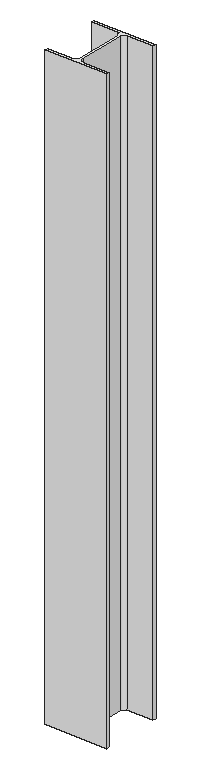
Revit family "W-와이드 플랜지-기둥", category 구조 기둥, Revit 2026
Family settings
  단면 모양 = 정의되지 않음
  모델 동작 재료 = 스틸
  항상 형상으로 내보내기 = 아니오
  평면의 보 전환 = 경계 상자에서
  로드될 때 보이드를 사용하여 절단 = 아니오
  기호 표현 = 프로젝트 설정에서
  공유 = 아니오
  평면도에서 미리 절단된 패밀리 표시 = 예
Parameters (values of type "W250x73")
  Assembly Code = ""
  Structural Material [instance] = 금속 - 스틸 - 345 MPa
  A = 0.009 m²
  W = 0.72
  bf = 254 mm
  d = 253 mm
  k = 31 mm
  kr = k - tf  # 16.8 mm
  tf = 14.2 mm
  tw = 8.6 mm
Types (2, lengths in mm): name | A | W | bf | d | k | kr | tf | tw
  W250x73 | 0.009 m² | 0.72 | 254 | 253 | 31 | 16.8 | 14.2 | 8.6
  W250x49.1 | 0.006 m² | 0.48 | 202 | 247 | 28 | 17 | 11 | 7.4
Reference planes
  plane 1: y = 0
  plane 2: z = 0
  plane 3: x = 0
  plane 4: x = -127
  plane 5: x = 127
  plane 6: y = 126.5
  plane 7: y = -126.5
  plane 8: x = -3.969
  plane 9: x = 3.969
Forms (mm)
  Extrusion 1, solid, material "금속 - 스틸 - 345 MPa" <- "Structural Material", detail levels medium
    sketch origin (0, 0, 0) x (1, 0, 0) y (0, 1, 0)
      loop
        line (-127, 126.5) -> (-127, 112.3) -> (-4.3, 112.3) -> (-4.3, -112.3) -> (-127, -112.3) -> (-127, -126.5) -> (127, -126.5) -> (127, -112.3) -> (4.3, -112.3) -> (4.3, 112.3) -> (127, 112.3) -> (127, 126.5) -> (-127, 126.5)
    from 0 to 2500
  Extrusion 2, solid, material "금속 - 스틸 - 345 MPa" <- "Structural Material", detail levels fine
    sketch origin (0, 0, 0) x (1, 0, 0) y (0, 1, 0)
      loop
        line (-127, 126.5) -> (-127, 112.3) -> (-21.1, 112.3)
        arc (-21.1, 112.3) -> (-9.221, 107.379) -> (-4.3, 95.5) r 16.8
        line (-4.3, 95.5) -> (-4.3, -95.5)
        arc (-4.3, -95.5) -> (-9.221, -107.379) -> (-21.1, -112.3) r 16.8
        line (-21.1, -112.3) -> (-127, -112.3) -> (-127, -126.5) -> (127, -126.5) -> (127, -112.3) -> (21.1, -112.3)
        arc (21.1, -112.3) -> (9.221, -107.379) -> (4.3, -95.5) r 16.8
        line (4.3, -95.5) -> (4.3, 95.5)
        arc (4.3, 95.5) -> (9.221, 107.379) -> (21.1, 112.3) r 16.8
        line (21.1, 112.3) -> (127, 112.3) -> (127, 126.5) -> (-127, 126.5)
    from 0 to 2500
Lines and regions (mm)
  symbolic lines, style "StructuralColumnStickSymbols", detail levels coarse
    curve 1: line (-127, 126.5, 0) -> (127, 126.5, 0)
    curve 2: line (-127, -126.5, 0) -> (127, -126.5, 0)
    curve 3: line (0, 126.5, 0) -> (0, -126.5, 0)
  symbolic lines, style "숨겨진 면", detail levels medium+fine
    curve 4: line (-3.969, 0, 0) -> (-3.969, 0, 2500)
    curve 5: line (3.969, 0, 2500) -> (3.969, 0, 0)
Dimensions and locks
  equal spacing: plane 4, plane 3, plane 5
  equal spacing: plane 7, plane 1, plane 6
  "d": plane 7 to plane 6
  "bf": plane 4 to plane 5
  "tf": plane 7 to Extrusion 1 sketch curve
  "tf": Extrusion 1 sketch curve to plane 6
  equal spacing: Extrusion 1 sketch curve, plane 3, Extrusion 1 sketch curve
  "tw": Extrusion 1 sketch curve to Extrusion 1 sketch curve
  "kr": radius of Extrusion 2 sketch curve  (x4)
  aligned and locked: plane 6 to Extrusion 1 sketch curve
  aligned and locked: Extrusion 1 sketch curve to plane 7
  aligned and locked: Extrusion 1 sketch curve to plane 4  (x2)
  aligned and locked: plane 5 to Extrusion 1 sketch curve  (x2)
  aligned and locked: Extrusion 1 sketch curve to Extrusion 1 sketch curve  (x2)
  aligned and locked: level to Extrusion 1
  aligned and locked: level to plane 2
  aligned and locked: Extrusion 1 to plane 2
  aligned and locked: plane 6 to Extrusion 2 sketch curve
  aligned and locked: plane 5 to Extrusion 2 sketch curve  (x2)
  aligned and locked: Extrusion 2 sketch curve to plane 4  (x2)
  aligned and locked: Extrusion 2 sketch curve to Extrusion 1  (x6)
  aligned and locked: Extrusion 2 sketch curve to plane 7
  aligned and locked: level to Extrusion 2
  aligned and locked: Extrusion 2 to level
Automatic sketch dimensions
  curve 2 to plane 4 = 0 mm
  curve 1 to plane 4 = 0 mm
  curve 3 to plane 3 = 0 mm
  curve 2 to plane 5 = 0 mm
  curve 1 to plane 5 = 0 mm
  curve 3 to plane 7 = 0 mm
  curve 3 to plane 6 = 0 mm
  curve 4 to level = 0 mm  (x2)
  curve 4 to plane 8 = 0 mm
  curve 5 to level = 0 mm  (x2)
  curve 5 to plane 9 = 0 mm
